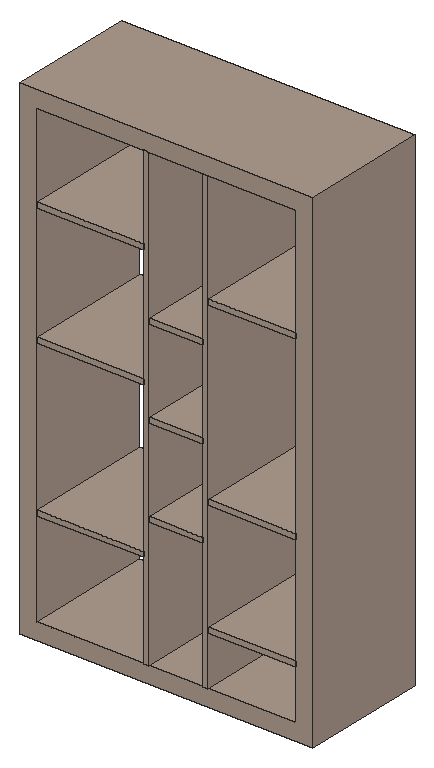
Revit family "EXPEDIT Shelving Unit", category Furniture, Revit 2013
Reference planes (in)
  plane 1 "Center Front/Back": y = 0
  plane 2: z = 0
  plane 3 "Center Left/Right": x = 0
  plane 4: y = 7.65625
  plane 5: y = -7.65625
  plane 6: x = -17.5
  plane 7: x = 17.5
  plane 8: z = 59
  plane 9: x = -15.5
  plane 10: x = -2.70148
  plane 11: x = -2.07648
  plane 12: x = 15.5
  plane 13: x = 5
  plane 14: x = 4.375
  plane 15: z = 57
  plane 16: z = 43.8125
  plane 17: z = 43.1875
  plane 18: z = 22.3125
  plane 19: z = 21.6875
  plane 20: z = 8.625
  plane 21: z = 8
Forms (in)
  Extrusion 1, solid, material "Finish"
    sketch origin (0, 0, 0) x (1, 0, 0) y (0, 0, 1)
      loop
        line (-17.5, 0) -> (17.5, 0) -> (17.5, 59) -> (-17.5, 59) -> (-17.5, 0)
      loop
        line (-15.5, 2) -> (15.5, 2) -> (15.5, 57) -> (-15.5, 57) -> (-15.5, 2)
    from -7.65625 to 7.65625
  Extrusion 2, solid, material "Finish"
    sketch origin (0, 0, 0) x (1, 0, 0) y (0, 0, 1)
      loop
        line (-2.70148, 2) -> (-2.07648, 2) -> (-2.07648, 57) -> (-2.70148, 57) -> (-2.70148, 2)
    from -7.65625 to 7.65625
  Extrusion 3, solid, material "Finish"
    sketch origin (7.07648, 0, 0) x (1, 0, 0) y (0, 0, 1)
      loop
        line (-2.70148, 2) -> (-2.07648, 2) -> (-2.07648, 57) -> (-2.70148, 57) -> (-2.70148, 2)
    from -7.65625 to 7.65625
  Extrusion 4, solid, material "Finish"
    sketch origin (0, 0, 0) x (1, 0, 0) y (0, 0, 1)
      loop
        line (-15.5, 47) -> (-15.5, 46.375) -> (-2.70148, 46.375) -> (-2.70148, 47) -> (-15.5, 47)
    from -7.65625 to 7.65625
  Extrusion 5, solid, material "Finish"
    sketch origin (0, 0, -14.5) x (1, 0, 0) y (0, 0, 1)
      loop
        line (-15.5, 47) -> (-15.5, 46.375) -> (-2.70148, 46.375) -> (-2.70148, 47) -> (-15.5, 47)
    from -7.65625 to 7.65625
  Extrusion 6, solid, material "Finish"
    sketch origin (0, 0, -33) x (1, 0, 0) y (0, 0, 1)
      loop
        line (-15.5, 47) -> (-15.5, 46.375) -> (-2.70148, 46.375) -> (-2.70148, 47) -> (-15.5, 47)
    from -7.65625 to 7.65625
  Extrusion 7, solid, material "Finish"
    sketch origin (0, 0, 0) x (1, 0, 0) y (0, 0, 1)
      loop
        line (-2.07648, 39.25) -> (-2.07648, 38.625) -> (4.375, 38.625) -> (4.375, 39.25) -> (-2.07648, 39.25)
    from -7.65625 to 7.65625
  Extrusion 8, solid, material "Finish"
    sketch origin (0, 0, -10.625) x (1, 0, 0) y (0, 0, 1)
      loop
        line (-2.07648, 39.25) -> (-2.07648, 38.625) -> (4.375, 38.625) -> (4.375, 39.25) -> (-2.07648, 39.25)
    from -7.65625 to 7.65625
  Extrusion 9, solid, material "Finish"
    sketch origin (0, 0, -21.25) x (1, 0, 0) y (0, 0, 1)
      loop
        line (-2.07648, 39.25) -> (-2.07648, 38.625) -> (4.375, 38.625) -> (4.375, 39.25) -> (-2.07648, 39.25)
    from -7.65625 to 7.65625
  Extrusion 10, solid, material "Finish"
    sketch origin (0, 0, 0) x (1, 0, 0) y (0, 0, 1)
      loop
        line (5, 43.8125) -> (5, 43.1875) -> (15.5, 43.1875) -> (15.5, 43.8125) -> (5, 43.8125)
    from -7.65625 to 7.65625
  Extrusion 11, solid, material "Finish"
    sketch origin (0, 0, -21.5) x (1, 0, 0) y (0, 0, 1)
      loop
        line (5, 43.8125) -> (5, 43.1875) -> (15.5, 43.1875) -> (15.5, 43.8125) -> (5, 43.8125)
    from -7.65625 to 7.65625
  Extrusion 12, solid, material "Finish"
    sketch origin (0, 0, -35.1875) x (1, 0, 0) y (0, 0, 1)
      loop
        line (5, 43.8125) -> (5, 43.1875) -> (15.5, 43.1875) -> (15.5, 43.8125) -> (5, 43.8125)
    from -7.65625 to 7.65625
Dimensions and locks (in)
  plane 6 to plane 3 "Center Left/Right" to plane 7 = 1' - 5 1/2", 1' - 5 1/2"
  plane 5 to plane 4 = 1' - 3 5/16"
  plane 8 to level = 4' - 11"
  aligned and locked: level to plane 2
